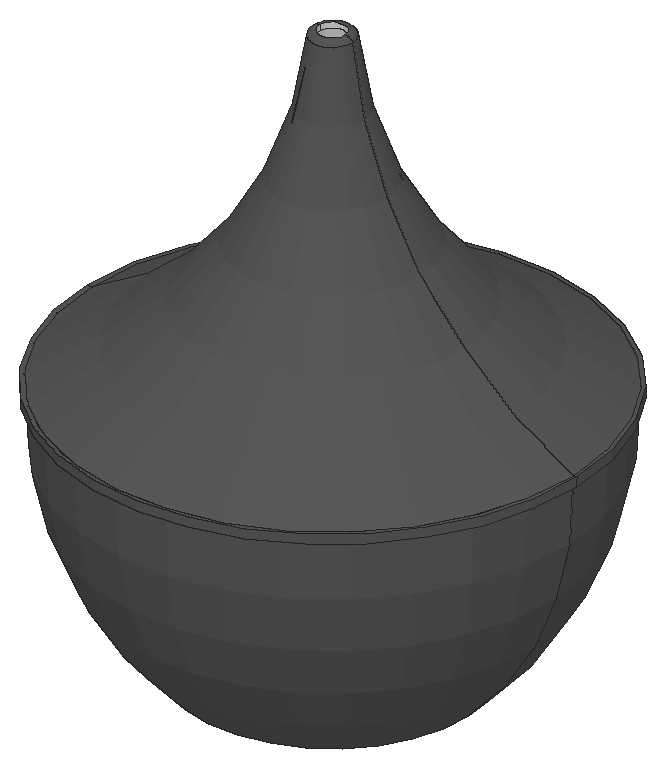
Revit family "PELB SHADE", category Lighting Fixtures, Revit 2024
Family settings
  Round Connector Dimension = Use Diameter
  Part Type = Normal
  OmniClass Number = 23.80.70.00
  OmniClass Title = Lighting
  Work Plane-Based = No
  Always vertical = Yes
  Cut with Voids When Loaded = No
  Light Source = Yes
  Maintain Annotation Orientation = No
  Shared = No
  Room Calculation Point = No
Parameters
  Wattage = 12.1178 W
  built-in parameter 1150110 = 1 (stored number, unit not read)
  built-in parameter 1114217 = 1 (stored number, unit not read)
  built-in parameter 1150109 = 1 (stored number, unit not read)
  built-in parameter 1150134 = (empty or 0)
  built-in parameter 1150113 = 1 (stored number, unit not read)
  Lumens = 1800 lm
  built-in parameter 1150115 = 1 (stored number, unit not read)
  built-in parameter 1150105 = 572.96 (stored number, unit not read)
  Light Source Symbol Size = 2' - 0"
  built-in parameter 1150137 = (empty or 0)
  built-in parameter 1150139 = (empty or 0)
  built-in parameter 1150112 = 1 (stored number, unit not read)
  built-in parameter 1150114 = 1 (stored number, unit not read)
  built-in parameter 1150132 = 2
  built-in parameter 1150102 = (empty or 0)
  built-in parameter 1150138 = (empty or 0)
  built-in parameter 1150107 = 3000 (stored number, unit not read)
  built-in parameter 1150106 = 5.7296 (stored number, unit not read)
  built-in parameter 1150104 = 13.8 (stored number, unit not read)
  Dimming Lamp Color Temperature Shift = (empty or 0)
  Default Elevation = 0' - 0"
  Color Filter = 16777215
  built-in parameter 1114218 = 1 (stored number, unit not read)
  built-in parameter 1150133 = 10 (stored number, unit not read)
Reference planes (in)
  plane 1 "Light Source Axis (F/B)": y = 0
  plane 2: z = 0
  plane 3 "Light Source Axis (L/R)": x = 0
  plane 4 "Light Source Elevation": z = 54
Forms (in)
  Revolve 1, solid
    sketch origin (0, 0, 0) x (1, 0, 0) y (0, 0, 1)
      loop
        arc (-4.66398, 58.72579) -> (-4.17232, 56.14549) -> (-2.6569, 54) r 6.20321
        line (-2.6569, 54) -> (-2.51695, 54)
        arc (-2.51695, 54) -> (-4.08467, 56.17894) -> (-4.56709, 58.81954) r 6.10946
        line (-4.56709, 58.81954) -> (-4.62324, 58.81954)
        arc (-4.62324, 58.81954) -> (-1.64826, 61.27592) -> (-0.29913, 64.89036) r 7.45663
        arc (-0.29913, 64.89036) -> (-0.27668, 64.90541) -> (-0.25, 64.90104) r 0.03677
        line (-0.25, 64.90104) -> (-0.25, 64.99863)
        arc (-0.25, 64.99863) -> (-0.33502, 64.98199) -> (-0.3909, 64.91579) r 0.13052
        arc (-0.3909, 64.91579) -> (-1.7246, 61.33034) -> (-4.6772, 58.89798) r 7.36288
        line (-4.6772, 58.89798) -> (-4.75, 58.89798) -> (-4.75, 58.72579) -> (-4.66398, 58.72579)
      axis (0, 64.99863) -> (0, 54)
    angle from 0 to 360
Dimensions and locks (in)
  aligned and locked: plane 3 "Light Source Axis (L/R)" to imposter light
  aligned and locked: plane 1 "Light Source Axis (F/B)" to imposter light
  aligned and locked: plane 4 "Light Source Elevation" to imposter light
  aligned and locked: level to plane 2
